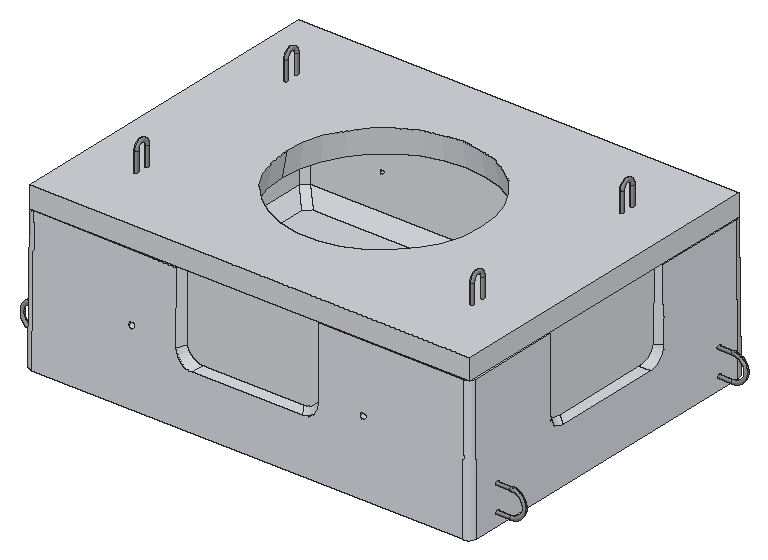
Revit family "110101-00101 Колодец ККСр-0,5-10(80) ГЕК-ССД", category Обобщенные модели, Revit 2019
Family settings
  Может служить основой для арматурных стержней = Нет
  Размер круглого соединителя = Использовать диаметр
  Тип детали = Нормальный
  На основе рабочей плоскости = Нет
  Всегда вертикально = Да
  При загрузке вырезать с полостями = Нет
  Общий = Нет
  Точка расчета площади = Нет
Parameters (values of type "Колодец ККСр-0,5-10(80) ГЕК-ССД")
  ADSK_Ширина = 1050 mm
  ADSK_Ссылка на сайт = "https://www.ssd.ru/kolodets-kksr-0-0-5-10-80-gek-ssd-v25"
  ADSK_Сертификат соответствия = "https://www.ssd.ru/upload/iblock/ec0/sert_b25_0221.pdf"
  ADSK_Наименование = "Колодец ККСр-0,5-10(80) ГЕК-ССД"
  ADSK_Масса = "790"
  ADSK_Марка = "ККСр"
  ADSK_Код изделия = "110101-00101"
  ADSK_Класс бетона = "В25"
  ADSK_Изготовитель = "АО \"СВЯЗЬСТРОЙДЕТАЛЬ\""
  ADSK_Длина = 1370 mm
  ADSK_Высота = 435 mm
Reference planes
  plane 1 "По центру (Вперед/Назад)": y = 0
  plane 2: z = 0
  plane 3 "По центру (Влево/Вправо)": x = 0
  plane 4: y = 525
  plane 5: y = -525
  plane 6: x = -685
  plane 7: x = 685
  plane 8: z = 435
Forms (mm)
  Blend 1, solid
    base sketch origin (0, 0, 0) x (1, 0, 0) y (0, 1, 0)
      loop
        arc (-660, 520) -> (-674.142, 514.142) -> (-680, 500) r 20
        line (-680, 500) -> (-680, -500)
        arc (-680, -500) -> (-674.142, -514.142) -> (-660, -520) r 20
        line (-660, -520) -> (660, -520)
        arc (660, -520) -> (674.142, -514.142) -> (680, -500) r 20
        line (680, -500) -> (680, 500)
        arc (680, 500) -> (674.142, 514.142) -> (660, 520) r 20
        line (660, 520) -> (-660, 520)
    top sketch origin (0, 0, 0) x (1, 0, 0) y (0, 1, 0)
      loop
        arc (-660, 525) -> (-677.678, 517.678) -> (-685, 500) r 25
        line (-685, 500) -> (-685, -500)
        arc (-685, -500) -> (-677.678, -517.678) -> (-660, -525) r 25
        line (-660, -525) -> (660, -525)
        arc (660, -525) -> (677.678, -517.678) -> (685, -500) r 25
        line (685, -500) -> (685, 500)
        arc (685, 500) -> (677.678, 517.678) -> (660, 525) r 25
        line (660, 525) -> (-660, 525)
    from 435 to 0
  Blend 2, void
    base sketch origin (0, 0, 0) x (1, 0, 0) y (0, 1, 0)
      loop
        line (-575, 435) -> (-595, 415) -> (-595, -415) -> (-575, -435) -> (575, -435) -> (595, -415) -> (595, 415) -> (575, 435) -> (-575, 435)
    top sketch origin (0, 0, 0) x (1, 0, 0) y (0, 1, 0)
      loop
        line (-580, 440) -> (-600, 420) -> (-600, -420) -> (-580, -440) -> (580, -440) -> (600, -420) -> (600, 420) -> (580, 440) -> (-580, 440)
    from 120 to 435
  Blend 3, void
    base sketch origin (0, 0, 0) x (1, 0, 0) y (0, 1, 0)
      loop
        line (-535, 395) -> (-555, 375) -> (-555, -375) -> (-535, -395) -> (535, -395) -> (555, -375) -> (555, 375) -> (535, 395) -> (-535, 395)
    top sketch origin (0, 0, 0) x (1, 0, 0) y (0, 1, 0)
      loop
        line (-595, 415) -> (-595, -415) -> (-575, -435) -> (575, -435) -> (595, -415) -> (595, 415) -> (575, 435) -> (-575, 435) -> (-595, 415)
    from 80 to 120
  Blend 4, void
    base sketch origin (0, 0, 0) x (1, 0, 0) y (0, 1, 0)
      loop
        line (-100, 75) -> (-100, -75) -> (100, -75) -> (100, 75) -> (-100, 75)
    top sketch origin (0, 0, 0) x (1, 0, 0) y (0, 1, 0)
      loop
        line (-140, 115) -> (-140, -115) -> (140, -115) -> (140, 115) -> (-140, 115)
    from 40 to 80
  Blend 5, void
    base sketch origin (0, 0, 0) x (0, 1, 0) y (0, 0, 1)
      loop
        line (209, 435) -> (-205, 435) -> (-205, 216.982)
        arc (-205, 216.982) -> (-185.438, 188.619) -> (-152.758, 177.705) r 54.381
        line (-152.758, 177.705) -> (152.758, 177.705)
        arc (152.758, 177.705) -> (185.027, 188.313) -> (204.706, 216) r 54.381
        line (204.706, 216) -> (209, 435)
    top sketch origin (0, 0, 0) x (0, 1, 0) y (0, 0, 1)
      loop
        line (219, 435) -> (-219, 435) -> (-219, 216)
        arc (-219, 216) -> (-204.355, 180.645) -> (-169, 166) r 50
        line (-169, 166) -> (169, 166)
        arc (169, 166) -> (204.355, 180.645) -> (219, 216) r 50
        line (219, 216) -> (219, 435)
    from 659.368 to 685
  Blend 6, void
    base sketch origin (0, 0, 0) x (0, 1, 0) y (0, 0, -1)
      loop
        line (209, -435) -> (204.706, -216)
        arc (204.706, -216) -> (185.027, -188.313) -> (152.758, -177.705) r 54.381
        line (152.758, -177.705) -> (-152.758, -177.705)
        arc (-152.758, -177.705) -> (-185.438, -188.619) -> (-205, -216.982) r 54.381
        line (-205, -216.982) -> (-205, -435) -> (209, -435)
    top sketch origin (0, 0, 0) x (0, 1, 0) y (0, 0, -1)
      loop
        line (219, -435) -> (219, -216)
        arc (219, -216) -> (204.355, -180.645) -> (169, -166) r 50
        line (169, -166) -> (-169, -166)
        arc (-169, -166) -> (-204.355, -180.645) -> (-219, -216) r 50
        line (-219, -216) -> (-219, -435) -> (219, -435)
    from 659.368 to 685
  Blend 7, void
    base sketch origin (-2, -161.267, 0) x (1, 0, 0) y (0, 0, -1)
      loop
        line (209, -435) -> (204.706, -216)
        arc (204.706, -216) -> (185.027, -188.313) -> (152.758, -177.705) r 54.381
        line (152.758, -177.705) -> (-152.758, -177.705)
        arc (-152.758, -177.705) -> (-185.438, -188.619) -> (-205, -216.982) r 54.381
        line (-205, -216.982) -> (-205, -435) -> (209, -435)
    top sketch origin (-2, -161.267, 0) x (1, 0, 0) y (0, 0, -1)
      loop
        line (219, -435) -> (219, -216)
        arc (219, -216) -> (204.355, -180.645) -> (169, -166) r 50
        line (169, -166) -> (-169, -166)
        arc (-169, -166) -> (-204.355, -180.645) -> (-219, -216) r 50
        line (-219, -216) -> (-219, -435) -> (219, -435)
    from 659.368 to 685
  Blend 8, void
    base sketch origin (-2, 161.267, 0) x (1, 0, 0) y (0, 0, 1)
      loop
        line (209, 435) -> (-205, 435) -> (-205, 216.982)
        arc (-205, 216.982) -> (-185.438, 188.619) -> (-152.758, 177.705) r 54.381
        line (-152.758, 177.705) -> (152.758, 177.705)
        arc (152.758, 177.705) -> (185.027, 188.313) -> (204.706, 216) r 54.381
        line (204.706, 216) -> (209, 435)
    top sketch origin (-2, 161.267, 0) x (1, 0, 0) y (0, 0, 1)
      loop
        line (219, 435) -> (-219, 435) -> (-219, 216)
        arc (-219, 216) -> (-204.355, 180.645) -> (-169, 166) r 50
        line (-169, 166) -> (169, 166)
        arc (169, 166) -> (204.355, 180.645) -> (219, 216) r 50
        line (219, 216) -> (219, 435)
    from 659.368 to 685
  Sweep 9, solid, material "Петля", detail levels fine
    path origin (0, 0, 0) x (1, 0, 0) y (0, 0, 1)
      loop
        line (685, 40) -> (730, 40)
        arc (730, 40) -> (770, 80) -> (730, 120) r 40
        line (730, 120) -> (683.415, 120)
    profile origin (707.5, 0, 40) x (0, 0, 1) y (0, -1, 0)
      loop
        circle (0, -425) r 5
  Sweep 10, solid, material "Петля", detail levels fine
    path origin (0, 0, 0) x (1, 0, 0) y (0, 0, -1)
      loop
        line (685, -40) -> (730, -40)
        arc (730, -40) -> (770, -80) -> (730, -120) r 40
        line (730, -120) -> (683.415, -120)
    profile origin (707.5, 0, 40) x (0, 0, -1) y (0, 1, 0)
      loop
        circle (0, -425) r 5
  Sweep 11, solid, material "Петля", detail levels fine
    path origin (0, 0, 0) x (-1, 0, 0) y (0, 0, 1)
      loop
        line (685, 40) -> (730, 40)
        arc (730, 40) -> (770, 80) -> (730, 120) r 40
        line (730, 120) -> (683.415, 120)
    profile origin (-707.5, 0, 40) x (0, 0, 1) y (0, 1, 0)
      loop
        circle (0, -425) r 5
  Sweep 12, solid, material "Петля", detail levels fine
    path origin (0, 0, 0) x (-1, 0, 0) y (0, 0, -1)
      loop
        line (685, -40) -> (730, -40)
        arc (730, -40) -> (770, -80) -> (730, -120) r 40
        line (730, -120) -> (683.415, -120)
    profile origin (-707.5, 0, 40) x (0, 0, -1) y (0, -1, 0)
      loop
        circle (0, -425) r 5
  Blend 13, void, detail levels medium+fine
    base sketch origin (0, 0, 0) x (1, 0, 0) y (0, 0, 1)
      loop
        circle (355, 230) r 9.5
    top sketch origin (0, 0, 0) x (1, 0, 0) y (0, 0, 1)
      loop
        circle (355, 230) r 9.5
    from 486.96 to 522.685
  Blend 14, void, detail levels medium+fine
    base sketch origin (0, 0, 0) x (1, 0, 0) y (0, 0, 1)
      loop
        circle (355, 230) r 6.5
    top sketch origin (0, 0, 0) x (1, 0, 0) y (0, 0, 1)
      loop
        circle (355, 230) r 6.5
    from 436.138 to 486.96
  Blend 15, void, detail levels medium+fine
    base sketch origin (0, 0, 0) x (-1, 0, 0) y (0, 0, -1)
      loop
        circle (355, -230) r 9.5
    top sketch origin (0, 0, 0) x (-1, 0, 0) y (0, 0, -1)
      loop
        circle (355, -230) r 9.5
    from 486.96 to 522.685
  Blend 16, void, detail levels medium+fine
    base sketch origin (0, 0, 0) x (-1, 0, 0) y (0, 0, -1)
      loop
        circle (355, -230) r 6.5
    top sketch origin (0, 0, 0) x (-1, 0, 0) y (0, 0, -1)
      loop
        circle (355, -230) r 6.5
    from 436.138 to 486.96
  Blend 17, void, detail levels medium+fine
    base sketch origin (0, 0, 0) x (1, 0, 0) y (0, 0, -1)
      loop
        circle (355, -230) r 9.5
    top sketch origin (0, 0, 0) x (1, 0, 0) y (0, 0, -1)
      loop
        circle (355, -230) r 9.5
    from 486.96 to 522.685
  Blend 18, void, detail levels medium+fine
    base sketch origin (0, 0, 0) x (1, 0, 0) y (0, 0, -1)
      loop
        circle (355, -230) r 6.5
    top sketch origin (0, 0, 0) x (1, 0, 0) y (0, 0, -1)
      loop
        circle (355, -230) r 6.5
    from 436.138 to 486.96
  Blend 19, void, detail levels medium+fine
    base sketch origin (0, 0, 0) x (-1, 0, 0) y (0, 0, 1)
      loop
        circle (355, 230) r 9.5
    top sketch origin (0, 0, 0) x (-1, 0, 0) y (0, 0, 1)
      loop
        circle (355, 230) r 9.5
    from 486.96 to 522.685
  Blend 20, void, detail levels medium+fine
    base sketch origin (0, 0, 0) x (-1, 0, 0) y (0, 0, 1)
      loop
        circle (355, 230) r 6.5
    top sketch origin (0, 0, 0) x (-1, 0, 0) y (0, 0, 1)
      loop
        circle (355, 230) r 6.5
    from 436.138 to 486.96
Cuts and joins
  Blend 2, Blend 3, Blend 4, Blend 5, Blend 6, Blend 7, Blend 8, Blend 13, Blend 14, Blend 15, Blend 16, Blend 17, Blend 18, Blend 19, Blend 20 cuts Blend 1
Dimensions and locks
  "ADSK_Длина": plane 6 to plane 7
  equal spacing: plane 6, plane 3 "По центру (Влево/Вправо)", plane 7
  "ADSK_Ширина": plane 4 to plane 5
  equal spacing: plane 4, plane 1 "По центру (Вперед/Назад)", plane 5
  "ADSK_Высота": plane 2 to plane 8
  cut or joined group of Blend 1, Blend 2, Blend 3, Blend 4, Blend 5, Blend 6, Blend 7, Blend 8, Blend 13, Blend 14, Blend 15, Blend 16, Blend 17, Blend 18, Blend 19, Blend 20 to nested 1 = 500 mm
  aligned and locked: level to plane 2
  aligned and locked: plane 8 to Blend 1
  aligned and locked: Blend 1 to level
Automatic sketch dimensions
  plane 6 to Blend 1 sketch curve = 5 mm
  plane 5 to Blend 1 sketch curve = 5 mm
  plane 6 to Blend 1 sketch curve = 25 mm  (x4)
  Blend 1 sketch curve to plane 4 = 5 mm
  Blend 1 sketch curve to plane 7 = 25 mm  (x4)
  Blend 1 sketch curve to plane 7 = 5 mm
  Blend 1 sketch curve to plane 6 = 0 mm
  Blend 1 sketch curve to plane 5 = 0 mm
  Blend 1 sketch curve to plane 4 = 0 mm
  Blend 1 sketch curve to plane 7 = 0 mm
  plane 6 to Blend 2 sketch curve = 90 mm
  Blend 2 sketch curve to Blend 2 sketch curve = 20 mm  (x12)
  Blend 2 sketch curve to plane 7 = 110 mm  (x2)
  plane 5 to Blend 2 sketch curve = 90 mm
  Blend 2 sketch curve to plane 4 = 110 mm  (x2)
  plane 6 to Blend 2 sketch curve = 85 mm
  Blend 2 sketch curve to plane 7 = 105 mm  (x2)
  plane 5 to Blend 2 sketch curve = 85 mm
  Blend 2 sketch curve to plane 4 = 105 mm  (x2)
  plane 6 to Blend 3 sketch curve = 130 mm
  Blend 3 sketch curve to Blend 3 sketch curve = 20 mm  (x12)
  Blend 3 sketch curve to plane 7 = 150 mm  (x2)
  plane 5 to Blend 3 sketch curve = 130 mm
  Blend 3 sketch curve to plane 4 = 150 mm  (x2)
  plane 6 to Blend 3 sketch curve = 90 mm
  Blend 3 sketch curve to plane 7 = 110 mm  (x2)
  plane 5 to Blend 3 sketch curve = 90 mm
  Blend 3 sketch curve to plane 4 = 110 mm  (x2)
  Blend 4 sketch curve to plane 3 "По центру (Влево/Вправо)" = 100 mm
  plane 3 "По центру (Влево/Вправо)" to Blend 4 sketch curve = 100 mm
  plane 1 "По центру (Вперед/Назад)" to Blend 4 sketch curve = 75 mm
  Blend 4 sketch curve to plane 1 "По центру (Вперед/Назад)" = 75 mm
  Blend 4 sketch curve to plane 3 "По центру (Влево/Вправо)" = 140 mm
  plane 3 "По центру (Влево/Вправо)" to Blend 4 sketch curve = 140 mm
  plane 1 "По центру (Вперед/Назад)" to Blend 4 sketch curve = 115 mm
  Blend 4 sketch curve to plane 1 "По центру (Вперед/Назад)" = 115 mm
  Blend 5 sketch curve to plane 8 = 0 mm  (x2)
  plane 1 "По центру (Вперед/Назад)" to Blend 5 sketch curve = 205 mm
  Blend 5 sketch curve to Blend 5 sketch curve = 52.242 mm
  Blend 5 sketch curve to plane 1 "По центру (Вперед/Назад)" = 152.758 mm
  Blend 5 sketch curve to Blend 5 sketch curve = 51.948 mm
  Blend 5 sketch curve to plane 1 "По центру (Вперед/Назад)" = 209 mm
  Blend 5 sketch curve to Blend 5 sketch curve = 39.278 mm
  plane 1 "По центру (Вперед/Назад)" to Blend 5 sketch curve = 219 mm
  Blend 5 sketch curve to Blend 5 sketch curve = 50 mm
  Blend 5 sketch curve to plane 1 "По центру (Вперед/Назад)" = 169 mm
  Blend 5 sketch curve to plane 1 "По центру (Вперед/Назад)" = 219 mm
  Blend 6 sketch curve to plane 8 = 0 mm  (x2)
  plane 1 "По центру (Вперед/Назад)" to Blend 6 sketch curve = 205 mm
  Blend 6 sketch curve to Blend 6 sketch curve = 52.242 mm
  Blend 6 sketch curve to plane 1 "По центру (Вперед/Назад)" = 152.758 mm
  Blend 6 sketch curve to Blend 6 sketch curve = 51.948 mm
  Blend 6 sketch curve to plane 1 "По центру (Вперед/Назад)" = 209 mm
  Blend 6 sketch curve to Blend 6 sketch curve = 16.086 mm
  Blend 6 sketch curve to Blend 6 sketch curve = 54.381 mm
  plane 1 "По центру (Вперед/Назад)" to Blend 6 sketch curve = 219 mm
  Blend 6 sketch curve to Blend 6 sketch curve = 50 mm
  Blend 6 sketch curve to plane 1 "По центру (Вперед/Назад)" = 169 mm
  Blend 6 sketch curve to plane 1 "По центру (Вперед/Назад)" = 219 mm
  Blend 7 sketch curve to plane 8 = 0 mm  (x2)
  Blend 7 sketch curve to plane 3 "По центру (Влево/Вправо)" = 207 mm
  Blend 7 sketch curve to Blend 7 sketch curve = 52.242 mm
  plane 3 "По центру (Влево/Вправо)" to Blend 7 sketch curve = 150.758 mm
  Blend 7 sketch curve to Blend 7 sketch curve = 51.948 mm
  plane 3 "По центру (Влево/Вправо)" to Blend 7 sketch curve = 207 mm
  Blend 7 sketch curve to Blend 7 sketch curve = 16.086 mm
  Blend 7 sketch curve to Blend 7 sketch curve = 54.381 mm
  Blend 7 sketch curve to plane 3 "По центру (Влево/Вправо)" = 221 mm
  Blend 7 sketch curve to Blend 7 sketch curve = 50 mm
  plane 3 "По центру (Влево/Вправо)" to Blend 7 sketch curve = 167 mm
  plane 3 "По центру (Влево/Вправо)" to Blend 7 sketch curve = 217 mm
  Blend 8 sketch curve to plane 8 = 0 mm  (x2)
  Blend 8 sketch curve to plane 3 "По центру (Влево/Вправо)" = 207 mm
  Blend 8 sketch curve to Blend 8 sketch curve = 52.242 mm
  plane 3 "По центру (Влево/Вправо)" to Blend 8 sketch curve = 150.758 mm
  Blend 8 sketch curve to Blend 8 sketch curve = 51.948 mm
  plane 3 "По центру (Влево/Вправо)" to Blend 8 sketch curve = 207 mm
  Blend 8 sketch curve to Blend 8 sketch curve = 39.278 mm
  Blend 8 sketch curve to plane 3 "По центру (Влево/Вправо)" = 221 mm
  Blend 8 sketch curve to Blend 8 sketch curve = 50 mm
  plane 3 "По центру (Влево/Вправо)" to Blend 8 sketch curve = 167 mm
  plane 3 "По центру (Влево/Вправо)" to Blend 8 sketch curve = 217 mm
  Sweep 9 sketch curve to plane 7 = 0 mm
  plane 7 to Sweep 9 sketch curve = 45 mm
  Sweep 9 sketch curve to plane 7 = 1.585 mm
  profile plane to Sweep 9 sketch curve = 0 mm
  Sweep 9 sketch curve to plane 1 "По центру (Вперед/Назад)" = 425 mm
  Sweep 10 sketch curve to plane 7 = 0 mm
  plane 7 to Sweep 10 sketch curve = 45 mm
  Sweep 10 sketch curve to plane 7 = 1.585 mm
  Sweep 10 sketch curve to profile plane = 0 mm
  Sweep 10 sketch curve to profile plane = 425 mm
  Sweep 11 sketch curve to plane 6 = 0 mm
  Sweep 11 sketch curve to plane 6 = 45 mm
  plane 6 to Sweep 11 sketch curve = 1.585 mm
  profile plane to Sweep 11 sketch curve = 0 mm
  Sweep 11 sketch curve to profile plane = 425 mm
  Sweep 12 sketch curve to plane 6 = 0 mm
  Sweep 12 sketch curve to plane 6 = 45 mm
  plane 6 to Sweep 12 sketch curve = 1.585 mm
  Sweep 12 sketch curve to profile plane = 0 mm
  Sweep 12 sketch curve to profile plane = 425 mm
  Blend 13 sketch curve to plane 7 = 330 mm  (x2)
  Blend 14 sketch curve to plane 7 = 330 mm  (x2)
  Blend 15 sketch curve to plane 6 = 330 mm  (x2)
  Blend 16 sketch curve to plane 6 = 330 mm  (x2)
  Blend 17 sketch curve to plane 7 = 330 mm  (x2)
  Blend 18 sketch curve to plane 7 = 330 mm  (x2)
  plane 6 to Blend 19 sketch curve = 330 mm  (x2)
  plane 6 to Blend 20 sketch curve = 330 mm  (x2)
  Blend 5 sketch curve to Blend 5 sketch curve = 202.914 mm
  Blend 8 sketch curve to Blend 8 sketch curve = 202.914 mm
  Blend 5 sketch curve to Blend 5 sketch curve = 38.295 mm
  Blend 8 sketch curve to Blend 8 sketch curve = 38.295 mm
  Sweep 10 sketch curve to Sweep 10 sketch curve = 40 mm
  Sweep 11 sketch curve to Sweep 11 sketch curve = 40 mm
  Sweep 12 sketch curve to Sweep 12 sketch curve = 40 mm
  level to Blend 5 sketch curve = 216 mm
  Blend 6 sketch curve to plane 8 = 202.914 mm
  level to Blend 6 sketch curve = 216 mm
  Blend 7 sketch curve to plane 8 = 202.914 mm
  level to Blend 7 sketch curve = 216 mm
  level to Blend 8 sketch curve = 216 mm
  level to Sweep 9 sketch curve = 40 mm
  Sweep 9 sketch curve to Sweep 9 sketch curve = 40 mm
  level to Sweep 10 sketch curve = 120 mm
  level to Sweep 11 sketch curve = 40 mm
  level to Sweep 12 sketch curve = 120 mm
  Blend 13 sketch curve to plane 8 = 205 mm  (x2)
  Blend 14 sketch curve to plane 8 = 205 mm  (x2)
  plane 8 to Blend 15 sketch curve = 205 mm  (x2)
  plane 8 to Blend 16 sketch curve = 205 mm  (x2)
  Blend 17 sketch curve to plane 8 = 205 mm  (x2)
  Blend 18 sketch curve to plane 8 = 205 mm  (x2)
  Blend 19 sketch curve to plane 8 = 205 mm  (x2)
  Blend 20 sketch curve to plane 8 = 205 mm  (x2)
  radius of Sweep 9 sketch curve = 5 mm
  radius of Sweep 10 sketch curve = 5 mm
  radius of Sweep 11 sketch curve = 5 mm
  radius of Sweep 12 sketch curve = 5 mm
  radius of Blend 13 sketch curve = 9.5 mm  (x2)
  radius of Blend 14 sketch curve = 6.5 mm  (x2)
  radius of Blend 15 sketch curve = 9.5 mm  (x2)
  radius of Blend 16 sketch curve = 6.5 mm  (x2)
  radius of Blend 17 sketch curve = 9.5 mm  (x2)
  radius of Blend 18 sketch curve = 6.5 mm  (x2)
  radius of Blend 19 sketch curve = 9.5 mm  (x2)
  radius of Blend 20 sketch curve = 6.5 mm  (x2)
Nested families
  nested 1: "110202-00007 Плита перекрытия колодца ККСр-1-10(80)" at (0, 0, 424.493), type "Плита перекрытия колодца ККСр-1-10(80)"
    with ADSK_Ширина 1030 mm, ADSK_Ссылка на сайт "https://www.ssd.ru/plita-perekrytiya-kolodtsa-kksr-1-10-80", ADSK_Наименование "Плита перекрытия колодца ККСр-1-10(80)", ADSK_Марка "ККСр-1-10(80)", ADSK_Код изделия "110202-00007", ADSK_Длина 1350 mm, ADSK_Высота 80 mm, ADSK_Внутр.окр 600 mm, ADSK_b 73 mm
Definition of nested family "110202-00007 Плита перекрытия колодца ККСр-1-10(80)"
  Parameters (values of type "Плита перекрытия колодца ККСр-1-10(80)")
    ADSK_Ширина [instance] = 1030 mm
    ADSK_Ссылка на сайт [instance] = "https://www.ssd.ru/plita-perekrytiya-kolodtsa-kksr-1-10-80"
    ADSK_Наименование [instance] = "Плита перекрытия колодца ККСр-1-10(80)"
    ADSK_Масса = "195"
    ADSK_Марка [instance] = "ККСр-1-10(80)"
    ADSK_Код изделия [instance] = "110202-00007"
    ADSK_Завод-изготовитель = "\"АО СВЯЗЬСТРОЙДЕТАЛЬ\""
    ADSK_Длина [instance] = 1350 mm
    ADSK_Высота [instance] = 80 mm
    ADSK_Внутр.окр [instance] = 600 mm
    ADSK_b [instance] = 73 mm
  Reference planes
    plane 1 "По центру (Вперед/Назад)": y = 0
    plane 2: z = -4.493
    plane 3 "По центру (Влево/Вправо)": x = 0
    plane 4: x = -675
    plane 5: x = 675
    plane 6: y = -515
    plane 7: y = 515
    plane 8: z = 75.507
  Forms (mm)
    Extrusion 1, solid
      sketch origin (155, 5, 0) x (1, 0, 0) y (0, 1, 0)
        loop
          line (-830, 510) -> (-830, -520) -> (520, -520) -> (520, 510) -> (-830, 510)
      from -4.493 to 75.507
    Blend 2, void
      base sketch origin (0, 0, -4.493) x (1, 0, 0) y (0, 1, 0)
        loop
          circle (0, 0) r 315
      top sketch origin (0, 0, -4.493) x (1, 0, 0) y (0, 1, 0)
        loop
          circle (0, 0) r 300
      from 0 to 80
    Extrusion 3, void
      sketch origin (0, 0, 0) x (1, 0, 0) y (0, 0, 1)
        loop
          line (675, 10.507) -> (602, 10.507) -> (600, -4.493) -> (675, -4.493) -> (675, 10.507)
      from -515 to 515
    Extrusion 4, void
      sketch origin (0, 0, 0) x (-1, 0, 0) y (0, 0, -1)
        loop
          line (675, -10.507) -> (675, 4.493) -> (600, 4.493) -> (602, -10.507) -> (675, -10.507)
      from -515 to 515
    Extrusion 5, void
      sketch origin (42.5, -182.207, 0) x (0, 1, 0) y (0, 0, 1)
        loop
          line (697.207, 10.507) -> (626.207, 10.507) -> (624.207, -4.493) -> (697.207, -4.493) -> (697.207, 10.507)
      from -717.5 to 632.5
    Extrusion 6, void
      sketch origin (42.5, 182.207, 0) x (0, -1, 0) y (0, 0, -1)
        loop
          line (697.207, -10.507) -> (697.207, 4.493) -> (624.207, 4.493) -> (626.207, -10.507) -> (697.207, -10.507)
      from -717.5 to 632.5
    Sweep 7, solid, detail levels fine
      path origin (0, -20, 20) x (0, 1, 0) y (0, 0, -1)
        loop
          line (327, -55.507) -> (327, -115.507)
          arc (327, -115.507) -> (307, -135.507) -> (287, -115.507) r 20
          line (287, -115.507) -> (287, -55.507)
      profile origin (0, 307, 105.507) x (0, 1, 0) y (-1, 0, 0)
        loop
          circle (0, 515) r 5
    Sweep 8, solid, detail levels fine
      path origin (0, 20, 20) x (0, -1, 0) y (0, 0, 1)
        loop
          line (327, 55.507) -> (327, 115.507)
          arc (327, 115.507) -> (307, 135.507) -> (287, 115.507) r 20
          line (287, 115.507) -> (287, 55.507)
      profile origin (0, -307, 105.507) x (0, 1, 0) y (-1, 0, 0)
        loop
          circle (0, 515) r 5
    Sweep 9, solid, detail levels fine
      path origin (0, -20, 20) x (0, 1, 0) y (0, 0, 1)
        loop
          line (327, 55.507) -> (327, 115.507)
          arc (327, 115.507) -> (307, 135.507) -> (287, 115.507) r 20
          line (287, 115.507) -> (287, 55.507)
      profile origin (0, 307, 105.507) x (0, -1, 0) y (1, 0, 0)
        loop
          circle (0, 515) r 5
    Sweep 10, solid, detail levels fine
      path origin (0, 20, 20) x (0, -1, 0) y (0, 0, -1)
        loop
          line (327, -55.507) -> (327, -115.507)
          arc (327, -115.507) -> (307, -135.507) -> (287, -115.507) r 20
          line (287, -115.507) -> (287, -55.507)
      profile origin (0, -307, 105.507) x (0, -1, 0) y (1, 0, 0)
        loop
          circle (0, 515) r 5
  Cuts and joins
    Blend 2, Extrusion 3, Extrusion 4, Extrusion 5, Extrusion 6 cuts Extrusion 1
  Dimensions and locks
    "ADSK_Длина": plane 4 to plane 5
    "ADSK_Ширина": plane 7 to plane 6
    equal spacing: plane 4, plane 3 "По центру (Влево/Вправо)", plane 5, locked at 675 each
    equal spacing: plane 7, plane 1 "По центру (Вперед/Назад)", plane 6, locked at 515 each
    "ADSK_Высота": plane 2 to plane 8
    aligned and locked: level to plane 2
    aligned and locked: plane 8 to Extrusion 1
    aligned and locked: Extrusion 1 to Blend 2
    aligned and locked: plane 7 to Extrusion 3
    aligned and locked: Extrusion 3 to plane 6
    aligned and locked: plane 7 to Extrusion 4
    aligned and locked: Extrusion 4 to plane 6
    aligned and locked: Extrusion 5 to plane 4
    aligned and locked: plane 5 to Extrusion 5
    aligned and locked: plane 5 to Extrusion 6
    aligned and locked: Extrusion 6 to plane 4
    aligned and locked: Extrusion 1 to plane 6
    aligned and locked: plane 7 to Extrusion 1
    aligned and locked: plane 5 to Extrusion 1
    aligned and locked: Extrusion 1 to plane 4
  Automatic sketch dimensions
    Extrusion 1 sketch curve to plane 4 = 0 mm
    Extrusion 1 sketch curve to plane 5 = 0 mm
    Extrusion 1 sketch curve to plane 6 = 0 mm
    Extrusion 1 sketch curve to plane 7 = 0 mm
    plane 1 "По центру (Вперед/Назад)" to Blend 2 sketch curve = 0 mm  (x2)
    Blend 2 sketch curve to plane 3 "По центру (Влево/Вправо)" = 0 mm  (x2)
    Extrusion 3 sketch curve to level = 0 mm
    Extrusion 3 sketch curve to plane 5 = 0 mm
    level to Extrusion 3 sketch curve = 15 mm
    Extrusion 3 sketch curve to Extrusion 3 sketch curve = 73 mm
    Extrusion 3 sketch curve to Extrusion 3 sketch curve = 2 mm
    Extrusion 4 sketch curve to level = 0 mm
    Extrusion 4 sketch curve to plane 4 = 0 mm
    level to Extrusion 4 sketch curve = 15 mm
    Extrusion 4 sketch curve to Extrusion 4 sketch curve = 73 mm
    Extrusion 4 sketch curve to Extrusion 4 sketch curve = 2 mm
    Extrusion 5 sketch curve to level = 0 mm
    Extrusion 5 sketch curve to plane 7 = 0 mm
    level to Extrusion 5 sketch curve = 15 mm
    Extrusion 5 sketch curve to plane 7 = 71 mm
    Extrusion 5 sketch curve to Extrusion 5 sketch curve = 2 mm
    Extrusion 6 sketch curve to level = 0 mm
    Extrusion 6 sketch curve to plane 6 = 0 mm
    level to Extrusion 6 sketch curve = 15 mm
    Extrusion 6 sketch curve to Extrusion 6 sketch curve = 71 mm
    Extrusion 6 sketch curve to Extrusion 6 sketch curve = 2 mm
    Sweep 7 sketch curve to plane 8 = 0 mm  (x2)
    plane 8 to Sweep 7 sketch curve = 60 mm
    Sweep 7 sketch curve to plane 7 = 248 mm
    Sweep 7 sketch curve to Sweep 7 sketch curve = 20 mm
    profile plane to Sweep 7 sketch curve = 0 mm
    profile plane to Sweep 7 sketch curve = 515 mm
    Sweep 8 sketch curve to plane 8 = 0 mm  (x2)
    plane 8 to Sweep 8 sketch curve = 60 mm
    plane 6 to Sweep 8 sketch curve = 248 mm
    Sweep 8 sketch curve to Sweep 8 sketch curve = 20 mm
    profile plane to Sweep 8 sketch curve = 0 mm
    profile plane to Sweep 8 sketch curve = 515 mm
    Sweep 9 sketch curve to plane 8 = 0 mm  (x2)
    plane 8 to Sweep 9 sketch curve = 60 mm
    Sweep 9 sketch curve to plane 7 = 248 mm
    Sweep 9 sketch curve to Sweep 9 sketch curve = 20 mm
    Sweep 9 sketch curve to profile plane = 0 mm
    profile plane to Sweep 9 sketch curve = 515 mm
    Sweep 10 sketch curve to plane 8 = 0 mm  (x2)
    plane 8 to Sweep 10 sketch curve = 60 mm
    plane 6 to Sweep 10 sketch curve = 248 mm
    Sweep 10 sketch curve to Sweep 10 sketch curve = 20 mm
    Sweep 10 sketch curve to profile plane = 0 mm
    profile plane to Sweep 10 sketch curve = 515 mm
    radius of Blend 2 sketch curve = 315 mm
    radius of Blend 2 sketch curve = 300 mm
    radius of Sweep 7 sketch curve = 5 mm
    radius of Sweep 8 sketch curve = 5 mm
    radius of Sweep 9 sketch curve = 5 mm
    radius of Sweep 10 sketch curve = 5 mm
